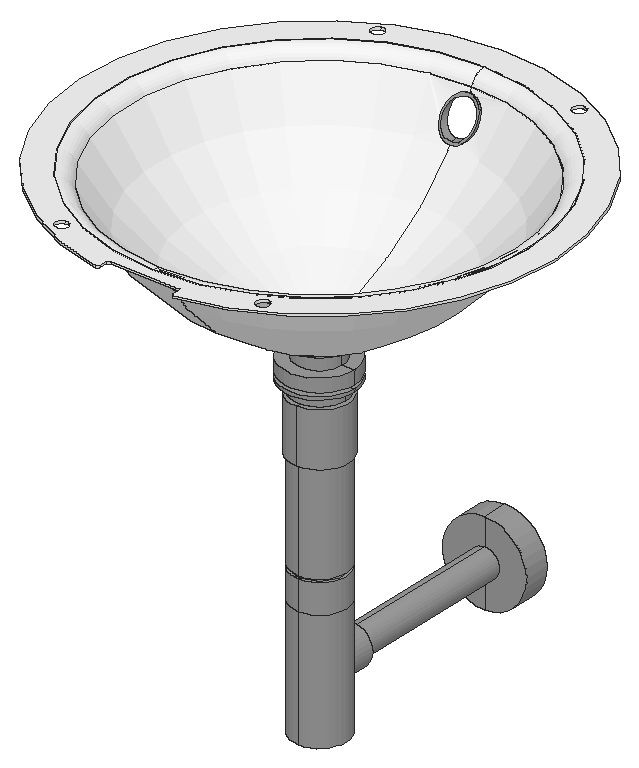
Revit family "KDW030050", category Plumbing Fixtures, Revit 2015
Parameters
  Youtube clip = ""
  Weight Net (Kg) = "5.8"
  Weight = "5.8"
  Website link = "https://www.kaldewei.co.uk/products/washbasins/detail/product/classic-unterbauwaschtisch/"
  WaterSupplyOverflowAndWasteHolesWaterSupply = "n/a"
  WaterSupplyOverflowAndWasteHolesWaste = "n/a"
  WaterSupplyOverflowAndWasteHolesOverflow = "n/a"
  WarrantyStartDate = "https://www.kaldewei.co.uk/fileadmin/data/sprachen/englisch/prospekte/rest/GB_GUARANTEE__CARE_AND_INSTALLATION_INSTRUCTIONS.pdf"
  WarrantyDurationUnit = "Year"
  WarrantyDurationParts = "30"
  VolumeToOverflowMaximum = "n/a"
  Version = "3"
  Uniformat II Description = ""
  Uniformat II Code = ""
  Uniclass2 = "Pr_40_20_96"
  Uniclass 2015 Name = ""
  Uniclass 2015 Code = ""
  Uniclass 2.0 Description = "Wash Basin Systems"
  Uniclass 2.0 Code = "SS-35-65-70-94"
  Uniclass 1.4 Description = "Washbasins"
  Uniclass 1.4 Code = "L7212"
  URL = "https://www.kaldewei.com"
  UNSPSCNames = "Sinks"
  UNSPSCCode = "30181504"
  UNSPSC Code = "301815"
  Type of support framing = "https://www.kaldewei.co.uk/products/washbasins/detail/product/classic-unterbauwaschtisch/?tx_wkkaldeweiproducts_product%5Bmodellnr%5D=3183&cHash=fe642e06e9a6ac3f607956b3d0ec27da#tabConfiguration"
  Type of accessories = "https://www.kaldewei.co.uk/products/washbasins/detail/product/classic-unterbauwaschtisch/?tx_wkkaldeweiproducts_product%5Bmodellnr%5D=3183&cHash=fe642e06e9a6ac3f607956b3d0ec27da#tabConfiguration"
  Technical description = "https://www.kaldewei.co.uk/fileadmin/data/sprachen/englisch/techdata/KADBE_WT_CLASSIC__________3183_.pdf"
  Technical data link = "https://kaldewei.typo-live.web-factory.de/fileadmin/data/sprachen/englisch/techdata/KADBE_WT_CLASSIC__________3183_.pdf"
  Sustainability = "https://EN 15804"
  Sound Insulation = "DIN 4109:2016, VDI4100:2012"
  Size = "ø 360"
  Shape = "Undercounter"
  SerialNumber = "3183"
  Region South America = "AR, BO, BR, CL, CO, EC, FK, GF, GY, PE, PY, SR, UY, VE"
  Region Oceania = "AS, AU, CK, FJ, FM, GU, KI, MH, MP, NC, NF, NR, NU, NZ, PF, PG, PN, PW, SB, TK, TL, TO, TV, UM, WF, WS, VU"
  Region North America = "AG, AI, AW, BB, BL, BM, BQ, BS, BZ, CA, CR, CU, CW, DM, DO, GD, GL, GP, GT, HN, HT, JM, KN, KY, LC, MF, MQ, MS, MX, NI, PA, PM, PR, SV, SX, TC, TT, US, VC, VG, VI"
  Region Middle East = "AE, AF, BH, EG, IL, IQ, IR, JO, KW, LB, OM, PS, QA, SA, SY, TR, YE"
  Region Europe = "AD, AL, AT, AX, BA, BE, BG, BY, CH, CY, CZ, DE, DK, EE, ES, FI, FO, FR, GB, GG, GI, GR, HR, HU, IE, IM, IS, IT, JE, LI, LT, LU, LV, MC, MD, ME, MK, MT, NL, NO, PL, PT, RO, RS, RU, SE, SI, SJ, SK, SM, UA, VA"
  Region Asia = "AM, AZ, BD, BN, BT, CC, CN, CX, GE, HK, ID, IN, IO, JP, KG, KH, KP, KR, KZ, LA, LK, MM, MN, MO, MV, MY, NP, PH, PK, SG, TH, TJ, TM, TW, UZ, VN"
  Region Antarctica = "AQ, BV, GS, HM, TF"
  Region Africa = "AO, BF, BI, BJ, BW, CD, CF, CG, CI, CM, CV, DJ, DZ, EH, ER, ET, GA, GH, GM, GN, GQ, GW, KE, KM, LR, LS, LY, MA, MG, ML, MR, MU, MW, MZ, NA, NE, NG, RE, RW, SC, SD, SH, SL, SN, SO, SS, ST, SZ, TD, TG, TN, TZ, UG, YT, ZA, ZM, ZW"
  QR code = "http://bimobject.com/kaldewei/product/3183"
  ProductInformation = "Model No. 3183: The gently flowing interior shape is the hallmark of our round undercounter washbasins from the CLASSIC line whose elegance can now be bestowed on bathrooms in two different sizes."
  Product url = "https://www.kaldewei.co.uk/products/washbasins/detail/product/classic-unterbauwaschtisch/"
  Product group = "Washbasin"
  Product family = "CLASSIC"
  Product data url = "http://bimobject.com/kaldewei/product/3183"
  Product certification = "https://www.kaldewei.co.uk/fileadmin/data/sprachen/alle/pdfs/leistungserkla__rungBW-DW-WT-0216Web.pdf"
  Product SKU = "3183"
  Product Guid = "73d4407b-ca25-458e-bcd1-cd13e7a26986"
  Polantis code = "KDW030050"
  PanelMaterial = "n/a"
  OmniClass Description = ""
  OmniClass Code = ""
  ObjectNorm = "EN 14688 EU DECLARATION OF PERFORMANCE (https://www.kaldewei.de/fileadmin/data/sprachen/alle/pdfs/leistungserkla__rungBW-DW-WT-0216Web.pdf)"
  ObjectName = "CLASSIC Undercounter washbasin ø 360"
  Nominal width = 0 cm
  Nominal height = 360 cm
  Name = "CLASSIC Undercounter washbasin"
  NBS Reference Description = "Wash Basin Systems"
  NBS Reference Code = "35-65-70-94"
  Material secondary = "Enamel"
  Material main = "Steel"
  Material = "steel enamel"
  Masterformat 2014 Description = ""
  Masterformat 2014 Code = ""
  ManufacturerName = "KALDEWEI"
  ManufacturerEmail = "info@kaldewei.de"
  ManufacturerCountry = "GERMANY"
  Manufacturer name = ""
  Manufacturer country = "Germany"
  Link towards a photo of the product = "https://www.kaldewei.co.uk/products/washbasins/detail/product/classic-unterbauwaschtisch/?tx_wkkaldeweiproducts_product%5Bmodellnr%5D=3183&cHash=fe642e06e9a6ac3f607956b3d0ec27da#tabConfiguration"
  Installation instructions = ""
  IfcExportType = "IfcSanitaryTerminalType"
  IfcExportAs = "WASHHANDBASIN"
  IFC Classification = "Furnishing Element"
  Finish = "n/a"
  Edition number = "1"
  EAN code = ""
  Durability = "https://EN 14688"
  DrainSize = "n/a"
  Design country = "Germany"
  Description details = "KALDEWEI international Worldwide partner for iconic bathroom solutions made of KALDEWEI steel enamel  KALDEWEI steel enamel delivers unique advantages that inspire excellence in bathroom design. Projects across the world, from upmarket hotels to private homes, capture the sophisticated aesthetic that recommends KALDEWEI as the partner of choice. As a leading international manufacturer of high-quality shower surfaces, bathtubs and washbasins made of superior steel enamel, KALDEWEI today is present in more than 80 countries."
  Date of publishing = ""
  Configurator link = "https://www.kaldewei.co.uk/products/washbasins/detail/product/silenio-aufsatzwaschtisch-12-cm/?tx_wkkaldeweiproducts_product%5Bmodellnr%5D=3042&cHash=50dfda7461ef9387a8a2feb731e0cab6#tabConfiguration"
  ColourOptions = "https://www.kaldewei.co.uk/inspiration/material/colours/"
  Color = "https://www.kaldewei.co.uk/inspiration/material/colours/"
  COBIe Type Category = ""
  Brand url = "http://www.kaldewei.com"
  BIMobject category = "Basins"
  Additional features of the object = "https://www.kaldewei.co.uk/products/washbasins/detail/product/classic-unterbauwaschtisch/?tx_wkkaldeweiproducts_product%5Bmodellnr%5D=3183&cHash=fe642e06e9a6ac3f607956b3d0ec27da#tabConfiguration"
  Accessory = yes
Reference planes (cm)
  plane 1 "Center (Front/Back)": y = 0
  plane 2: z = 0
  plane 3 "Center (Left/Right)": x = 0
Forms (cm)
  Extrusion 1, solid, material "Kaldewei"
    sketch origin (-82.7077, -30.8338, -2.8452) x (1, 0, 0) y (0, 1, 0)
      loop
        circle (82.7286, 30.8558) r 19.0765
      loop
        arc (86.2619, 52.2631) -> (61.4257, 34.5608) -> (79.128, 9.7246) r 21.5663
        arc (79.128, 9.7246) -> (79.2855, 9.7617) -> (79.3694, 9.9) r 0.2091
        line (79.3694, 9.9) -> (79.3694, 10.5788)
        arc (79.3694, 10.5788) -> (79.4344, 10.7358) -> (79.5914, 10.8008) r 0.222
        line (79.5914, 10.8008) -> (85.8694, 10.8008)
        arc (85.8694, 10.8008) -> (86.0108, 10.7422) -> (86.0694, 10.6008) r 0.2
        line (86.0694, 10.6008) -> (86.0694, 9.8952)
        arc (86.0694, 9.8952) -> (86.1078, 9.782) -> (86.2072, 9.7155) r 0.186
        arc (86.2072, 9.7155) -> (104.2612, 30.9661) -> (86.2619, 52.2631) r 21.5663
      loop
        arc (91.9314, 49.7738) -> (91.3977, 49.0732) -> (92.1388, 48.5974) r 0.5992
        arc (92.1388, 48.5974) -> (92.5779, 49.2813) -> (91.9314, 49.7738) r 0.5992
      loop
        arc (92.0421, 13.4414) -> (91.3882, 12.8023) -> (92.1247, 12.2605) r 0.5998
        arc (92.1247, 12.2605) -> (92.5849, 12.886) -> (92.0421, 13.4414) r 0.5998
      loop
        arc (73.3226, 13.4211) -> (72.9399, 12.6011) -> (73.8053, 12.3368) r 0.5993
        arc (73.8053, 12.3368) -> (74.035, 13.0886) -> (73.3226, 13.4211) r 0.5993
      loop
        arc (73.3014, 49.747) -> (72.9625, 48.8725) -> (73.8892, 48.7287) r 0.6018
        arc (73.8892, 48.7287) -> (74.0049, 49.4743) -> (73.3014, 49.747) r 0.6018
    from 15.4883 to 15.678
  Sweep 2, solid, material "Kaldewei"
    path origin (-76.6679, -29.7106, -2.8484) x (1, 0, 0) y (0, 1, 0)
      loop
        circle (76.6888, 29.7325) r 19.0765
    profile origin (19.0975, 0.0219, -2.8484) x (1, 0, 0) y (0, 0, 1)
      loop
        arc (0, 15.677) -> (-0.9139, 15.4408) -> (-1.4942, 14.6965) r 1.4656
        line (-1.4942, 14.6965) -> (-1.2662, 14.6965)
        arc (-1.2662, 14.6965) -> (-0.8163, 15.2858) -> (-0.1039, 15.4915) r 1.1827
        line (-0.1039, 15.4915) -> (0, 15.4915) -> (0, 15.677)
  Extrusion 3, solid, material "Kaldewei"
    sketch origin (0, 0, 0) x (1, 0, 0) y (0, 1, 0)
      loop
        line (-21.2483, 0.4796) -> (-21.131, 0.4547) -> (-21.041, 0.2311) -> (-20.7473, 0.1687) -> (-20.5652, 0.3161) -> (-20.2827, 0.2561) -> (-19.5622, 0.7239) -> (-19.4147, 1.4178) -> (-19.1893, 1.5093) -> (-19.1268, 1.8034) -> (-19.2911, 1.9993) -> (-18.5831, 5.3304) -> (-18.3569, 5.4254) -> (-18.2921, 5.73) -> (-18.462, 5.8999) -> (-18.0631, 7.7769) -> (-19.3007, 8.0399)
        arc (-19.3007, 8.0399) -> (-19.5448, 8.0143) -> (-19.689, 7.8158) r 0.3017
        line (-19.689, 7.8158) -> (-21.2483, 0.4796)
    from 12.469 to 12.6431
  Extrusion 4, solid, material "Chrome"
    sketch origin (0, 0, 0) x (1, 0, 0) y (0, 0, 1)
      loop
        arc (0.0207, 8.3683) -> (1.4625, 9.8183) -> (0.0207, 11.2683) r 1.45
        arc (0.0207, 11.2683) -> (-1.4375, 9.8183) -> (0.0207, 8.3683) r 1.45
      loop
        arc (0.0218, 11.4683) -> (-1.6375, 9.8183) -> (0.0218, 8.1683) r 1.65
        arc (0.0218, 8.1683) -> (1.6625, 9.8183) -> (0.0218, 11.4683) r 1.65
    from -18.467 to -14.5522
  Extrusion 5, void
    sketch origin (0, 0, 0) x (0, 1, 0) y (0, 0, 1)
      loop
        line (17.8713, 11.5531) -> (15.4979, 7.8985) -> (18.6026, 7.8985) -> (18.6026, 11.5531) -> (17.8713, 11.5531)
      loop
        line (17.2819, 11.5531) -> (14.2263, 11.5531) -> (14.2263, 7.99) -> (14.8786, 7.99) -> (17.2819, 11.5531)
    from -2.9424 to 4.1617
  Sweep 6, solid, material "Kaldewei"
    path origin (-110.363, -30.84, -1.8672) x (1, 0, 0) y (0, 1, 0)
      loop
        circle (110.3839, 30.862) r 17.8104
    profile origin (17.8313, 0.0219, -1.8672) x (-1, 0, 0) y (0, 0, 1)
      loop
        arc (0.0018, 13.7153) -> (5.8962, 6.4086) -> (14.1125, 1.8672) r 24.4084
        arc (14.1125, 1.8672) -> (14.2468, 1.7266) -> (14.3365, 1.554) r 0.6894
        arc (14.3365, 1.554) -> (14.8814, 1.3084) -> (15.4104, 1.0303) r 9.8834
        line (15.4104, 1.0303) -> (15.4953, 1.1806) -> (14.4557, 1.7103)
        arc (14.4557, 1.7103) -> (14.3885, 1.8464) -> (14.2929, 1.9642) r 0.679
        arc (14.2929, 1.9642) -> (6.1559, 6.5175) -> (0.2286, 13.7153) r 25.2289
        line (0.2286, 13.7153) -> (0.0018, 13.7153)
  Extrusion 7, void
    sketch origin (0, 0, 0) x (1, 0, 0) y (0, 0, 1)
      loop
        circle (0.0207, 9.8183) r 1.5
    from -19.0515 to -13.967
Cuts and joins
  Extrusion 5 cuts Extrusion 4
  Extrusion 7 cuts Sweep 6
Lines and regions (cm)
  symbolic lines, style "Lines"
    curve 1: arc (3.5106, -21.1183, 0) -> (21.5646, 0.1323, 0) -> (3.5653, 21.4293, 0) r 21.5663
    curve 2: arc (3.5653, 21.4293, 0) -> (-21.2709, 3.727, 0) -> (-3.5686, -21.1092, 0) r 21.5663
    curve 3: arc (-3.5686, -21.1092, 0) -> (-3.4111, -21.0722, 0) -> (-3.3272, -20.9338, 0) r 0.2091
    curve 4: arc (-3.1052, -20.033, 0) -> (-3.2622, -20.098, 0) -> (-3.3272, -20.255, 0) r 0.222
    curve 5: arc (3.3728, -20.233, 0) -> (3.3142, -20.0916, 0) -> (3.1728, -20.033, 0) r 0.2
    curve 6: arc (3.3728, -20.9386, 0) -> (3.4112, -21.0519, 0) -> (3.5106, -21.1183, 0) r 0.186
    curve 7: arc (9.2348, 18.94, 0) -> (8.7011, 18.2394, 0) -> (9.4422, 17.7636, 0) r 0.5992
    curve 8: arc (9.4422, 17.7636, 0) -> (9.8813, 18.4475, 0) -> (9.2348, 18.94, 0) r 0.5992
    curve 9: arc (9.3455, -17.3924, 0) -> (8.6916, -18.0315, 0) -> (9.4281, -18.5734, 0) r 0.5998
    curve 10: arc (9.4281, -18.5734, 0) -> (9.8883, -17.9478, 0) -> (9.3455, -17.3924, 0) r 0.5998
    curve 11: arc (-9.374, -17.4127, 0) -> (-9.7567, -18.2327, 0) -> (-8.8913, -18.497, 0) r 0.5993
    curve 12: arc (-8.8913, -18.497, 0) -> (-8.6616, -17.7452, 0) -> (-9.374, -17.4127, 0) r 0.5993
    curve 13: arc (-9.3952, 18.9131, 0) -> (-9.7341, 18.0387, 0) -> (-8.8074, 17.8949, 0) r 0.6018
    curve 14: arc (-8.8074, 17.8949, 0) -> (-8.6917, 18.6405, 0) -> (-9.3952, 18.9131, 0) r 0.6018
    curve 15: arc (0.032, 3.3766, 0) -> (-3.3227, 0.0219, 0) -> (0.032, -3.3328, 0) r 3.3547
    curve 16: arc (0.032, -3.3328, 0) -> (3.3867, 0.0219, 0) -> (0.032, 3.3766, 0) r 3.3547
    curve 17: line (-3.3272, -20.9338, 0) -> (-3.3272, -20.255, 0)
    curve 18: line (-3.1052, -20.033, 0) -> (3.1728, -20.033, 0)
    curve 19: line (3.3728, -20.233, 0) -> (3.3728, -20.9386, 0)
    curve 20: arc (0.021, 3.5395, 0) -> (3.5385, 0.0219, 0) -> (0.021, -3.4956, 0) r 3.5175
    curve 21: arc (0.021, -3.4956, 0) -> (-3.4965, 0.0219, 0) -> (0.021, 3.5395, 0) r 3.5175
    curve 22: arc (0.021, -19.0546, 0) -> (-19.0556, 0.0219, 0) -> (0.021, 19.0985, 0) r 19.0765
    curve 23: arc (0.021, 19.0985, 0) -> (19.0975, 0.0219, 0) -> (0.021, -19.0546, 0) r 19.0765
    curve 24: line (-4.1194, 21.3295, 0) -> (-4.1194, 21.7427, 0)
    curve 25: line (-4.1194, 21.7427, 0) -> (3.5776, 21.7427, 0)
    curve 26: line (3.5776, 21.7427, 0) -> (3.5776, 21.4272, 0)
    curve 27: line (1.6595, 16.1272, 0) -> (1.6595, 17.5277, 0)
    curve 28: line (-1.6307, 16.1908, 0) -> (-1.6307, 17.5265, 0)
    curve 29: line (0.0218, 14.9989, 0) -> (0.0218, 17.2247, 0)
    curve 30: line (0.0218, 17.2247, 0) -> (0.0218, 14.9989, 0)
    curve 31: line (0.0218, 14.9989, 0) -> (0.0218, 17.2247, 0)
    curve 32: line (0.0218, 17.2247, 0) -> (0.0218, 14.9989, 0)
    curve 33: arc (0.021, -17.5604, 0) -> (-17.5613, 0.0219, 0) -> (0.021, 17.6043, 0) r 17.5823
    curve 34: arc (0.021, 17.6043, 0) -> (17.6033, 0.0219, 0) -> (0.021, -17.5604, 0) r 17.5823
    curve 35: line (0.0207, 15.1338, 0) -> (0.0207, 17.0898, 0)
    curve 36: line (0.0207, 17.0898, 0) -> (0.0207, 15.1338, 0)
    curve 37: spline (-1.3548, 16.4317, 0) -> (-1.308, 16.269, 0) -> (-1.1711, 16.1174, 0) -> (-0.9533, 15.9872, 0) -> (-0.6694, 15.8873, 0) -> (-0.3388, 15.8244, 0) -> (0.0159, 15.803, 0) -> (0.3707, 15.8244, 0) -> (0.7013, 15.8873, 0) -> (0.9851, 15.9872, 0) -> (1.203, 16.1174, 0) -> (1.3399, 16.269, 0) -> (1.3866, 16.4317, 0)
Nested families (cm)
  nested 1: "WB_Designsiphon" at (5.3798, -1.2588, -1.0745), visible <- "Accessory", type "WB_Designsiphon"
Connectors (cm)
  piping at (-0.2708, 21.7427, -28.2979), diameter 5
    settings: on nested 1, index 1, connector inside diameter 609.6 mm, connector length 0 cm, flow factor 0, pipe flow 0.0 L/s, pressure drop 0.0 Pa, fitting loss kfactor 0, connector angle 0.00°, fixture units 0, engagement length 0 cm, angle of deflection 0.00°, flow configuration 0, flow direction 2, fitting loss method 0, system type 16, joint type 0, gender type 0, connector reference index -1, connector utility 0, adjustable connector no, is connector primary yes, connector description ""
Definition of nested family "WB_Designsiphon"
  Parameters (values of type "WB_Designsiphon")
    Plomberie = none
  Reference planes (cm)
    plane 1 "Center (Front/Back)": y = 0
    plane 2: z = 0
    plane 3 "Center (Left/Right)": x = 0
  Nested families (cm)
    nested 1: "WB_Permanentventil_Rund_Emailliert" at (-5.3157, 5.5437, 0), type "WB_Permanentventil_Rund_Emailliert"
  Definition of nested family "WB_Permanentventil_Rund_Emailliert"
    Parameters (values of type "WB_Permanentventil_Rund_Emailliert")
      Plomberie = none
    Reference planes (cm)
      plane 1 "Center (Front/Back)": y = 0
      plane 2: z = 0
      plane 3 "Center (Left/Right)": x = 0
    Forms (cm)
      Revolve 1, solid, material <- "Plomberie"
        sketch origin (-0.022, -4.2115, -4.9899) x (0, 1, 0) y (0, 0, 1)
          loop
            line (0, 0.4451) -> (0, -27.5174) -> (2.4482, -27.5174) -> (2.4482, -16.5467) -> (2.4482, -13.8674) -> (2.1851, -13.8674) -> (2.1851, -13.5891) -> (2.4482, -13.5891) -> (2.4482, -4.4674) -> (2.6514, -4.4674) -> (2.6514, 0.4451) -> (0, 0.4451)
          axis (0, 0.4451) -> (0, -27.5174)
        angle from 0 to 360
      Revolve 2, solid, material <- "Plomberie"
        sketch origin (-0.3349, -6.1135, -8.706) x (0, 1, 0) y (0, 0, 1)
          loop
            line (0.3559, -17.5976) -> (0.7848, -18.5174) -> (23.5712, -18.5174) -> (23.5712, -14.6689) -> (21.2288, -14.6689) -> (21.2288, -17.1689) -> (6.0136, -17.1689) -> (6.0136, -16.6689) -> (2.3474, -16.6689) -> (0.3559, -17.5976)
          axis (0.3559, -18.5174) -> (23.5712, -18.5174)
        angle from 0 to 360
      Revolve 3, solid, material <- "Plomberie"
        sketch origin (-0.0525, -4.2342, -5.2415) x (1, 0, 0) y (0, 0, 1)
          loop
            arc (0, 6.7506) -> (-1.6163, 6.681) -> (-3.2117, 6.413) r 13.1193
            arc (-3.2117, 6.413) -> (-3.2434, 6.3242) -> (-3.1758, 6.2583) r 0.0874
            line (-3.1758, 6.2583) -> (-2.5187, 6.2583) -> (-0.08, 6.2583) -> (-0.08, 5.3108) -> (-2.1553, 5.3108) -> (-2.9883, 5.2672) -> (-2.9883, 5.1879) -> (-2.3851, 5.1879)
            spline (-2.3851, 5.1879) -> (-2.3822, 5.0723) -> (-2.3747, 5.009) -> (-2.3641, 4.9707) -> (-2.352, 4.937) -> (-2.3389, 4.9096) -> (-2.3246, 4.8911) -> (-2.3065, 4.8765) -> (-2.2819, 4.8607) -> (-2.2476, 4.8406) -> (-2.2017, 4.8128) -> (-2.1514, 4.7711) -> (-2.1084, 4.7079)
            line (-2.1084, 4.7079) -> (-2.1084, 3.6678) -> (-3.2505, 3.6678) -> (-3.2505, 2.4738) -> (-2.1084, 2.4738) -> (-2.1084, 2.1233) -> (-3.2505, 2.1233) -> (-3.2505, 1.8531) -> (-2.4143, 1.7056) -> (-2.4143, 0.8533) -> (-2.1084, 0.8533) -> (-2.1084, 0.2238) -> (0, 0.2238) -> (0, 6.7506)
          axis (0, 6.7506) -> (0, 0.2238)
        angle from 0 to 360
      Extrusion 4, solid, material <- "Plomberie"
        sketch origin (0.08, -4.516, -5.1879) x (1, 0, 0) y (0, 1, 0)
          loop
            line (-0.08, 2.516) -> (-0.08, 1.6249)
            arc (-0.08, 1.6249) -> (-1.1758, 1.1973) -> (-1.6334, 0.1137) r 1.5117
            line (-1.6334, 0.1137) -> (-2.508, 0.1137) -> (-2.508, -0.0506) -> (-1.6015, -0.0506)
            arc (-1.6015, -0.0506) -> (-1.1593, -1.1097) -> (-0.08, -1.4999) r 1.4259
            line (-0.08, -1.4999) -> (-0.08, -2.4571) -> (0.09, -2.4571) -> (0.09, -1.5265)
            arc (0.09, -1.5265) -> (1.1336, -1.0942) -> (1.5659, -0.0506) r 1.4758
            line (1.5659, -0.0506) -> (2.5118, -0.0506) -> (2.5118, 0.1137) -> (1.5659, 0.1137)
            arc (1.5659, 0.1137) -> (1.1334, 1.1578) -> (0.0893, 1.5903) r 1.4765
            line (0.0893, 1.5903) -> (0.0893, 2.516) -> (-0.08, 2.516)
          loop
            circle (0, 0.08) r 1.3893
        from 5.1879 to 6.2047
